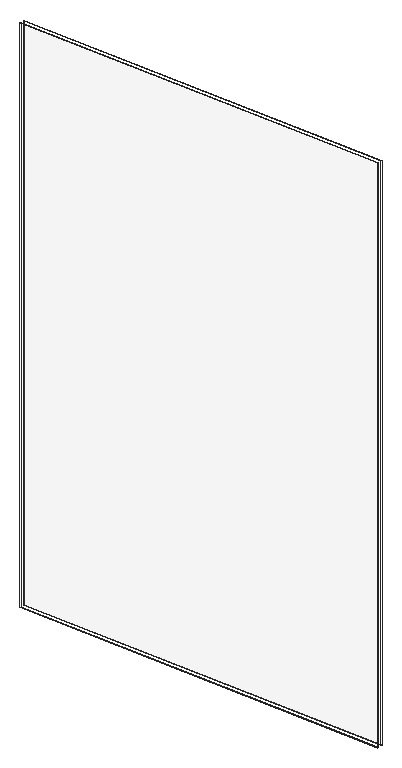
Revit family "Building-Materials_Glass-Glazing_Vitro-Architectural-Glass_Graylite-II-Glass", category Curtain Panels, Revit 2026
Family settings
  Classification Number = 23.25.20.14.11.11.17
  Always vertical = Yes
  Cut with Voids When Loaded = No
  Shared = No
Parameters (values of type "Graylite II + Clear")
  Visual Light Transmittance = 0.08
  UV Light Transmittance = 0.02
  URL = "https://www.vitroglazings.com/"
  U-Value Argon (Winter Night) = 0.4500 BTU/(h·ft²·°F)
  U-Value Argon (Summer Day) = 0.4800 BTU/(h·ft²·°F)
  U-Value Air (Winter Night) = 0.4700 BTU/(h·ft²·°F)
  U-Value Air (Summer Day) = 0.5000 BTU/(h·ft²·°F)
  Total Thickness = Airspace Thickness + [1st Lite Thickness] + [2nd Lite Thickness]  # 0' - 1"
  Thermal Resistance (R) = 8.3333 (h·ft²·°F)/BTU  # constant formula
  Solar Light Transmittance = 0.07
  Solar Heat Gain Coefficient = 0.22
  Shadow Coefficient = 0.25
  Reflectance (Visible Interior) = 12
  Reflectance (Visible Exterior) = 4
  Product data url = "https://www.bimobject.com/vitroarchictecturalglass/product/graylite-ii-glass"
  Product Page URL = "https://www.vitroglazings.com/products/performance-tinted-glass/gray-bronze-tinted-glass/graylite-ii-glass/"
  Product Guid = "6d1ebaec-7f7e-4029-b841-db9f083e3272"
  Model = "Graylite II + Clear"
  Manufacturer = "Vitro Architectural Glass "  # constant formula
  Light to Solar Gain = 0.36
  Keynote = "08900"  # constant formula
  Interior Glass Material = Vitro Architectural-Glass - Clear
  ISO Damage Weighted Transmittance = 0.066
  Heat Transfer Coefficient (U) = 0.2900 BTU/(h·ft²·°F)  # constant formula
  Glass Code = 2
  Finish = "Glass"  # constant formula
  Exterior Glass Material = Vitro Architectural-Glass - Graylite II
  Description = "With its bold, almost‑black look, Graylite® II glass is the solution for applications requiring reduced solar heat gain and a specific aesthetic objective. Graylite® II glass combines superior heat-load reduction and solar control with a distinctive color contrast. Its shading coefficient is among the lowest of any uncoated glass. Its low visible light transmittance (VLT) makes it ideal for glare control and privacy glazing."  # constant formula
  Define Thermal Properties by = Schematic Type
  Assembly Code = "B2020220"
  Analytic Construction = "Low-E double glazing (1/4 in + 1/4 in)"
  Airspace Thickness = 0' - 0 1/2"  # constant formula
  2nd Lite Thickness = 0' - 0 1/4"  # constant formula
  1st Lite Thickness = 0' - 0 1/4"  # constant formula
Types (6): name | Visual Light Transmittance | UV Light Transmittance | U-Value Argon (Winter Night) | U-Value Argon (Summer Day) | U-Value Air (Winter Night) | U-Value Air (Summer Day) | Solar Light Transmittance | Solar Heat Gain Coefficient | Shadow Coefficient | Reflectance (Visible Interior) | Model | Light to Solar Gain | Interior Glass Material | ISO Damage Weighted Transmittance | Glass Code
  Graylite II + Clear | 0.08 | 0.02 | 0.4500 BTU/(h·ft²·°F) | 0.4800 BTU/(h·ft²·°F) | 0.4700 BTU/(h·ft²·°F) | 0.5000 BTU/(h·ft²·°F) | 0.07 | 0.22 | 0.25 | 12 | "Graylite II + Clear" | 0.36 | Vitro Architectural-Glass - Clear | 0.066 | 2
  Graylite II + Sungate 400 (3) Clear | 0.08 | 0.01 | 0.2800 BTU/(h·ft²·°F) | 0.2600 BTU/(h·ft²·°F) | 0.3200 BTU/(h·ft²·°F) | 0.3100 BTU/(h·ft²·°F) | 0.05 | 0.15 | 0.17 | 11 | "Graylite II + Sungate 400 (3) Clear" | 0.53 | Vitro Architectural-Glass - Sungate 400 (3) Clear | 0.06 | 3
  Graylite II + Solarban 60 (3) Clear | 0.07 | 0.01 | 0.2400 BTU/(h·ft²·°F) | 0.2200 BTU/(h·ft²·°F) | 0.2900 BTU/(h·ft²·°F) | 0.2700 BTU/(h·ft²·°F) | 0.04 | 0.13 | 0.15 | 8 | "Graylite II + Solarban 60 (3) Clear" | 0.54 | Vitro Architectural-Glass - Solarban 60 (3) Clear | 0.053 | 4
  Graylite II + Solarban 67 (3) Clear | 0.05 | 0 | 0.2400 BTU/(h·ft²·°F) | 0.2200 BTU/(h·ft²·°F) | 0.2900 BTU/(h·ft²·°F) | 0.2700 BTU/(h·ft²·°F) | 0.03 | 0.12 | 0.14 | 18 | "Graylite II + Solarban 67 (3) Clear" | 0.42 | Vitro Architectural-Glass - Solarban 67 (3) Clear | 0.04 | 5
  Graylite II + Solarban 70 (3) | 0.06 | 0 | 0.2400 BTU/(h·ft²·°F) | 0.2100 BTU/(h·ft²·°F) | 0.2800 BTU/(h·ft²·°F) | 0.2600 BTU/(h·ft²·°F) | 0.03 | 0.11 | 0.13 | 10 | "Graylite II + Solarban 70 (3)" | 0.55 | Vitro Architectural-Glass - Solarban 70 (3) | 0.044 | 6
  Graylite II + Solarban 90 (3) Clear | 0.05 | 0 | 0.2400 BTU/(h·ft²·°F) | 0.2100 BTU/(h·ft²·°F) | 0.2900 BTU/(h·ft²·°F) | 0.2700 BTU/(h·ft²·°F) | 0.02 | 0.11 | 0.13 | 11 | "Graylite II + Solarban 90 (3) Clear" | 0.45 | Vitro Architectural-Glass - Solarban 90 (3) Clear | 0.036 | 7
Reference planes (in)
  plane 1 "Front": y = 0
  plane 2: z = 0
  plane 3 "Center (Left/Right)": x = 0
  plane 4 "Left": x = -32.75106
  plane 5 "Right": x = 32.75106
  plane 6 "Top": z = 96
  plane 7: y = 0.25
  plane 8: y = -0.25
Forms (in)
  Extrusion 1, solid, material "Vitro Architectural-Glass - Clear" <- "Interior Glass Material"
    sketch origin (0, 0.5, 0) x (1, 0, 0) y (0, 1, 0)
      loop
        line (-32.75106, 0) -> (-32.75106, -0.25) -> (32.75106, -0.25) -> (32.75106, 0) -> (-32.75106, 0)
    from 0 to 96
  Extrusion 2, solid, material "Vitro Architectural-Glass - Graylite II" <- "Exterior Glass Material"
    sketch origin (0, -0.5, 0) x (1, 0, 0) y (0, 1, 0)
      loop
        line (-32.75106, 0.25) -> (-32.75106, 0) -> (32.75106, 0) -> (32.75106, 0.25) -> (-32.75106, 0.25)
    from 0 to 96
Text (in)
  text "Exterior" at (-54.29358, 31.38743, 0), in view "Ref. Level"
  text "Exterior" at (480, 41.53993, 89.60405), in view "Right"
  text "Exterior" at (-240, 57.82419, 105.78864), in view "Left"
Dimensions and locks (in)
  equal spacing: plane 4 "Left", plane 3 "Center (Left/Right)", plane 5 "Right"
  "2nd Lite Thickness": Extrusion 2 sketch curve to Extrusion 2 sketch curve
  equal spacing: plane 7, plane 1 "Front", plane 8
  "Airspace Thickness": plane 7 to plane 8
  "1st Lite Thickness": Extrusion 1 sketch curve to plane 7
  "Total Thickness": Extrusion 2 to Extrusion 1
  aligned and locked: level to plane 2
  aligned and locked: Extrusion 1 sketch curve to plane 4 "Left"
  aligned and locked: plane 5 "Right" to Extrusion 1 sketch curve
  aligned and locked: plane 5 "Right" to Extrusion 2 sketch curve
  aligned and locked: Extrusion 2 sketch curve to plane 4 "Left"
  aligned and locked: Extrusion 1 to plane 6 "Top"
  aligned and locked: Extrusion 1 to level
  aligned and locked: Extrusion 2 to plane 6 "Top"
  aligned and locked: Extrusion 2 to level
  aligned and locked: plane 8 to Extrusion 2
  aligned and locked: plane 7 to Extrusion 1 sketch curve
  aligned and locked: Extrusion 2 sketch curve to plane 8
